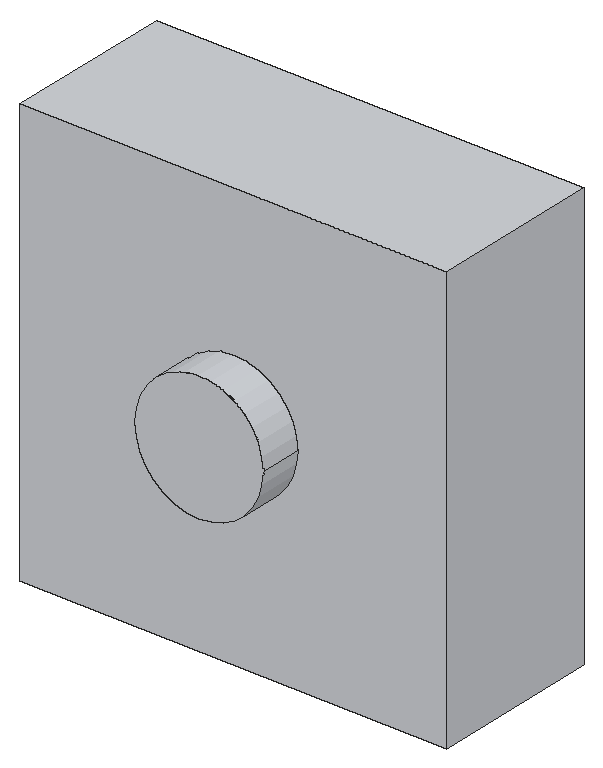
Revit family "LE_W_RE_Sicherheitsleuchte_V1700", category Leuchten, Revit 2017
Family settings
  Bemaßung runder Anschluss = Durchmesser verwenden
  Teiletyp = Normal
  OmniClass-Nummer = 23.80.70.14.27
  OmniClass-Titel = Security Lighting
  Arbeitsebenenbasiert = Ja
  Immer vertikal = Ja
  Beim Laden mit Abzugskörper schneiden = Nein
  Lichtquelle = Ja
  Gemeinsam genutzt = Nein
  Raumberechnungspunkt = Nein
Parameters (values of type "Sicherheitsleuchte_allg")
  pbr_Material_KZ = ""
  pbr_Material = none
  pbr_E_Typ = ""
  pbr_E_KZ = ""
  pbr_DINBild = 0
  pbr_Bild = 0
  cpiFitMatchKey [instance] = "E-WLR-18-5"
  allgemein = yes
  Zentrale [instance] = ""
  built-in parameter 1150104 = 13.8 (stored number, unit not read)
  Wirkleistung [instance] = 0 W
  Wattage = 9.2903 W
  Default Elevation = 1219.2 mm
  Emit from Rectangle Length = 1219.2 mm
  Emit from Rectangle Width = 609.6 mm
  built-in parameter 1150113 = 1 (stored number, unit not read)
  built-in parameter 1114218 = 1 (stored number, unit not read)
  Typ = ""
  Tiefe = 80 mm
  Text3 = ""
  Text2 = ""
  Text1 = ""
  built-in parameter 1150134 = 3
  built-in parameter 1150109 = 1 (stored number, unit not read)
  Symboltiefe = 200 mm
  Symbolbreite = 300 mm
  built-in parameter 1150110 = 1 (stored number, unit not read)
  Spannung = 230 V  # constant formula
  Scheinleistung [instance] = 0 VA
  Scheinlast = 0 VA
  Schaltgruppe2 [instance] = 0
  Schaltgruppe1 [instance] = 0
  Radius_Leerrohr = 50 mm
  Poligkeit = 1
  Planungsbüro Rohling = "www.pbr.de"
  Menge(Dosenzahl) = 1
  Linie/Anschluss [instance] = ""
  built-in parameter 1114217 = 1 (stored number, unit not read)
  built-in parameter 1150139 = (empty or 0)
  built-in parameter 1150105 = 439.27 (stored number, unit not read)
  built-in parameter 1150114 = 1 (stored number, unit not read)
  Lumens = 1380 lm
  built-in parameter 1150115 = 1 (stored number, unit not read)
  Lastklassifizierung = Beleuchtung
  Lampentyp [instance] = ""
  built-in parameter 1150112 = 1 (stored number, unit not read)
  Lampe = "Wandleuchte rechteck"
  LED = no
  Kommentar zur Wattzahl [instance] = ""
  Installationsart [instance] = ""
  Info = ""
  IFC = ""
  Höhe = 200 mm
  Halbhöhe [instance] = Höhe / 2  # 100 mm
  Halbbreite [instance] = Breite / 2  # 100 mm
  Größe des Lichtquellensymbols = 609.6 mm
  Gewerk [instance] = "SIBEL"
  Dimming Lamp Color Temperature Shift = (empty or 0)
  Color Filter = 16777215
  built-in parameter 1150133 = 10 (stored number, unit not read)
  Emit Shape Visible in Rendering = no
  built-in parameter 1150137 = (empty or 0)
  built-in parameter 1150132 = (empty or 0)
  Breite = 200 mm
  built-in parameter 1150106 = 4.3927 (stored number, unit not read)
  Anschlussdosentiefe = 20 mm
  Anschlussbuchsenradius = 30 mm
  built-in parameter 1150107 = 3200 (stored number, unit not read)
  built-in parameter 1150102 = (empty or 0)
  built-in parameter 1150138 = (empty or 0)
Types (2, lengths in mm): name | allgemein | LED
  Sicherheitsleuchte_LED | no | yes
  Sicherheitsleuchte_allg | yes | no
Reference planes
  plane 1 "Mitte (Vorne/Hinten)": y = 0
  plane 2: z = 0
  plane 3 "Mitte (Links/Rechts)": x = 0
  plane 4 "Lampe unten": z = -100
  plane 5: y = 100
  plane 6: y = 20
  plane 7: x = -100
  plane 8: x = 100
  plane 9: z = 100
  plane 10 "Symbollinks": x = -300
  plane 11: x = 300
Forms (mm)
  Sweep 1, solid, detail levels medium+fine
    path origin (0, 0, 0) x (1, 0, 0) y (0, 1, 0)
      loop
        line (0, 0) -> (0, 20)
    profile origin (0, 10, 0) x (-1, 0, 0) y (0, 0, 1)
      loop
        circle (0, 0) r 30
  Sweep 2, solid
    path origin (0, 0, 0) x (1, 0, 0) y (0, 1, 0)
      loop
        line (0, 20) -> (0, 100)
    profile origin (0, 60, 0) x (-1, 0, 0) y (0, 0, 1)
      loop
        line (100, 100) -> (-100, 100) -> (-100, -100) -> (100, -100) -> (100, 100)
Lines and regions (mm)
  reference lines
    curve 1: line (0, 0, 1407.319) -> (0, 0, 1447.319)
Dimensions and locks
  "Halbhöhe": level to plane 4 "Lampe unten"
  "Anschlussdosentiefe": plane 6 to plane 1 "Mitte (Vorne/Hinten)"
  "Tiefe": plane 5 to plane 6
  equal spacing: plane 7, plane 3 "Mitte (Links/Rechts)", plane 8
  "Halbbreite": plane 7 to plane 3 "Mitte (Links/Rechts)"
  equal spacing: plane 9, level, plane 4 "Lampe unten"
  "Symbolbreite": plane 10 "Symbollinks" to plane 3 "Mitte (Links/Rechts)"
  equal spacing: plane 10 "Symbollinks", plane 3 "Mitte (Links/Rechts)", plane 11
  "Anschlussbuchsenradius": radius of Sweep 1 sketch curve
  aligned and locked: level to plane 2
  aligned and locked: Sweep 2 sketch curve to plane 9
  aligned and locked: Sweep 2 sketch curve to plane 8
  aligned and locked: plane 4 "Lampe unten" to Sweep 2 sketch curve
  aligned and locked: plane 7 to Sweep 2 sketch curve
  aligned and locked: plane 3 "Mitte (Links/Rechts)" to imposter light
  aligned and locked: imposter light to plane 5
  aligned and locked: level to imposter light
Automatic sketch dimensions
  curve 1 to plane 3 "Mitte (Links/Rechts)" = 0 mm
  level to curve 1 = 1407.319 mm
  curve 1 to curve 1 = 40 mm
  Sweep 1 sketch curve to plane 3 "Mitte (Links/Rechts)" = 0 mm
  plane 1 "Mitte (Vorne/Hinten)" to Sweep 1 sketch curve = 0 mm
  Sweep 1 sketch curve to plane 6 = 0 mm
  Sweep 2 sketch curve to plane 3 "Mitte (Links/Rechts)" = 0 mm
  Sweep 2 sketch curve to plane 6 = 0 mm
  Sweep 2 sketch curve to plane 5 = 0 mm
  Sweep 1 sketch curve to level = 0 mm
  Sweep 1 sketch curve to profile plane = 0 mm
Nested families
  nested 1: "Sicherheitsleuchte LED" at (0, 160, 0), visible <- "LED", type "Sicherheitsleuchte LED"
    with Zentrale "", Wirkungsgrad 0 lm/W, Watt 0 W, Spannung 0, Scheinleistung 0 VA, Schaltgruppe2 0, Schaltgruppe1 0, Lastklassifizierung none, Lampentyp "", Kommentar zur Wattzahl "", Installationsart ""
  nested 2: "Sicherheitsleuchte allgemein" at (0, 160, 0), visible <- "allgemein", type "Sicherheitsleuchte allgemein"
    with Zentrale "", Wirkungsgrad 0 lm/W, Watt 0 W, Spannung 0, Scheinleistung 0 VA, Schaltgruppe2 0, Schaltgruppe1 0, Lastklassifizierung none, Lampentyp "", Kommentar zur Wattzahl "", Installationsart ""
Connectors
  electrical at (0, 0, 0), driven by "Spannung"
    settings: on Sweep 1, index 1, voltage 230 V, apparent load 0 VA, apparent load phase1 18 VA, apparent load phase2 0 VA, apparent load phase3 0 VA, power factor 1, load classification "Beleuchtung", number of poles 1, system type 30, power factor state 1, is connector primary yes, connector utility no, sub classification motor no, connector description ""
  cabletrayconduit at (0, 0, 0), diameter 50, driven by "Radius_Leerrohr"
    settings: on Sweep 1, index 2, connector width 300 mm, connector height 300 mm, connector angle 0.00°, system type 32, placement type 0, profile type 0, connector reference index -1, is primary connector yes, connector utility param no, connector description ""
Definition of nested family "Sicherheitsleuchte LED"
  Parameters (values of type "Sicherheitsleuchte LED")
    pbr_Material_KZ = ""
    pbr_Material = none
    pbr_E_Typ = ""
    pbr_E_KZ = ""
    pbr_DINBild = 0
    pbr_Bild = 0
    Zentrale [instance] = ""
    Wirkungsgrad [instance] = 0 lm/W
    Watt [instance] = 0 W
    Typ = ""
    Text3 = ""
    Text2 = ""
    Text1 = ""
    Spannung [instance] = 0
    Sicherhheitsleuchte = yes
    Sicherheitsleuchte LED = yes
    Scheinleistung [instance] = 0 VA
    Schaltgruppe2 [instance] = 0
    Schaltgruppe1 [instance] = 0
    Planungsbüro Rohling = "www.pbr.de"
    Menge(Dosenzahl) = 1
    Lastklassifizierung [instance] = none
    Lampentyp [instance] = ""
    Kommentar zur Wattzahl [instance] = ""
    Installationsart [instance] = ""
    Info = ""
    Gewerk = "Beleuchtung"
    Breite = 320 mm
    Abstand Pukt = 88.357 mm
  Reference planes
    plane 1 "Mitte (Vorne/Hinten)": y = 0
    plane 2: z = 0
    plane 3 "Mitte (Links/Rechts)": x = 0
    plane 4: x = -88.357
    plane 5: x = 88.357
    plane 6: x = -160
    plane 7: x = 160
    plane 8: y = -160
    plane 9: y = 160
  Lines and regions (mm)
    Filled region 1, type "Flächenfüllung Schwarz", in view "Referenzebene"
      outline origin (0, 0, 0) x (1, 0, 0) y (0, 1, 0)
        loop
          circle (0, 0) r 30
    detail lines, in view "Referenzebene"
      curve 1: line (-160, 160, 0) -> (-160, -160, 0)
      curve 2: line (-160, -160, 0) -> (160, -160, 0)
      curve 3: line (160, -160, 0) -> (160, 160, 0)
      curve 4: line (160, 160, 0) -> (-160, 160, 0)
      curve 5: line (-160, 160, 0) -> (-160, -160, 0)
      curve 6: line (-160, -160, 0) -> (160, -160, 0)
      curve 7: line (160, -160, 0) -> (160, 160, 0)
      curve 8: line (160, 160, 0) -> (-160, 160, 0)
    detail lines, in view "Referenzebene", visible <- "Sicherheitsleuchte LED"
      curve 9: line (-160, 160, 0) -> (160, -160, 0)
      curve 10: line (-160, -160, 0) -> (160, 160, 0)
  Dimensions and locks
    equal spacing: plane 4, plane 3 "Mitte (Links/Rechts)", plane 5
    "Abstand Pukt": plane 4 to plane 3 "Mitte (Links/Rechts)"
    "Breite": plane 6 to plane 7
    equal spacing: plane 6, plane 3 "Mitte (Links/Rechts)", plane 7
    equal spacing: plane 9, plane 1 "Mitte (Vorne/Hinten)", plane 8
    "Breite": plane 9 to plane 8
    aligned and locked: plane 7 to curve 3
    aligned and locked: curve 5 to plane 6
    aligned and locked: curve 6 to plane 8
    aligned and locked: plane 9 to curve 8
    aligned and locked: curve 9 to curve 1
    aligned and locked: curve 9 to curve 3
    aligned and locked: curve 1 to curve 10
    aligned and locked: curve 3 to curve 10
  Automatic sketch dimensions
    curve 9 to plane 8 = 0 mm
    curve 10 to plane 8 = 0 mm
    curve 10 to plane 9 = 0 mm
    curve 9 to plane 9 = 0 mm
    plane 1 "Mitte (Vorne/Hinten)" to Filled region 1 sketch curve = 0 mm
    Filled region 1 sketch curve to plane 3 "Mitte (Links/Rechts)" = 0 mm
    radius of Filled region 1 sketch curve = 30 mm
Definition of nested family "Sicherheitsleuchte allgemein"
  Parameters (values of type "Sicherheitsleuchte allgemein")
    pbr_Material_KZ = ""
    pbr_Material = none
    pbr_E_Typ = ""
    pbr_E_KZ = ""
    pbr_DINBild = 0
    pbr_Bild = 0
    Zentrale [instance] = ""
    Wirkungsgrad [instance] = 0 lm/W
    Watt [instance] = 0 W
    Typ = ""
    Text3 = ""
    Text2 = ""
    Text1 = ""
    Spannung [instance] = 0
    Sicherhheitsleuchte = yes
    Sicherheitsleuchte LED = yes
    Scheinleistung [instance] = 0 VA
    Schaltgruppe2 [instance] = 0
    Schaltgruppe1 [instance] = 0
    Planungsbüro Rohling = "www.pbr.de"
    Menge(Dosenzahl) = 1
    Lastklassifizierung [instance] = none
    Lampentyp [instance] = ""
    Kommentar zur Wattzahl [instance] = ""
    Installationsart [instance] = ""
    Info = ""
    Gewerk = "Beleuchtung"
    Breite = 320 mm
    Abstand Pukt = 88.357 mm
  Reference planes
    plane 1 "Mitte (Vorne/Hinten)": y = 0
    plane 2: z = 0
    plane 3 "Mitte (Links/Rechts)": x = 0
    plane 4: x = -88.357
    plane 5: x = 88.357
    plane 6: x = -160
    plane 7: x = 160
    plane 8: y = -160
    plane 9: y = 160
  Lines and regions (mm)
    Filled region 1, type "Flächenfüllung Schwarz", in view "Referenzebene"
      outline origin (88.357, 0, 0) x (1, 0, 0) y (0, 1, 0)
        loop
          circle (-88.357, 0) r 15
    Filled region 2, type "Flächenfüllung Schwarz", in view "Referenzebene"
      outline origin (176.713, 0, 0) x (1, 0, 0) y (0, 1, 0)
        loop
          circle (-88.357, 0) r 15
    Filled region 3, type "Flächenfüllung Schwarz", in view "Referenzebene"
      outline origin (0, 0, 0) x (1, 0, 0) y (0, 1, 0)
        loop
          circle (-88.357, 0) r 15
    detail lines, in view "Referenzebene"
      curve 1: line (-160, 160, 0) -> (-160, -160, 0)
      curve 2: line (-160, -160, 0) -> (160, -160, 0)
      curve 3: line (160, -160, 0) -> (160, 160, 0)
      curve 4: line (160, 160, 0) -> (-160, 160, 0)
      curve 5: line (-160, 160, 0) -> (-160, -160, 0)
      curve 6: line (-160, -160, 0) -> (160, -160, 0)
      curve 7: line (160, -160, 0) -> (160, 160, 0)
      curve 8: line (160, 160, 0) -> (-160, 160, 0)
  Dimensions and locks
    equal spacing: plane 4, plane 3 "Mitte (Links/Rechts)", plane 5
    "Abstand Pukt": plane 4 to plane 3 "Mitte (Links/Rechts)"
    "Breite": plane 6 to plane 7
    equal spacing: plane 6, plane 3 "Mitte (Links/Rechts)", plane 7
    equal spacing: plane 9, plane 1 "Mitte (Vorne/Hinten)", plane 8
    "Breite": plane 9 to plane 8
    aligned and locked: plane 7 to curve 3
    aligned and locked: curve 5 to plane 6
    aligned and locked: curve 6 to plane 8
    aligned and locked: plane 9 to curve 8
  Automatic sketch dimensions
    plane 1 "Mitte (Vorne/Hinten)" to Filled region 1 sketch curve = 0 mm
    Filled region 1 sketch curve to plane 3 "Mitte (Links/Rechts)" = 0 mm
    plane 1 "Mitte (Vorne/Hinten)" to Filled region 2 sketch curve = 0 mm
    Filled region 2 sketch curve to plane 5 = 0 mm
    plane 1 "Mitte (Vorne/Hinten)" to Filled region 3 sketch curve = 0 mm
    Filled region 3 sketch curve to plane 4 = 0 mm
    radius of Filled region 1 sketch curve = 15 mm
    radius of Filled region 2 sketch curve = 15 mm
    radius of Filled region 3 sketch curve = 15 mm
